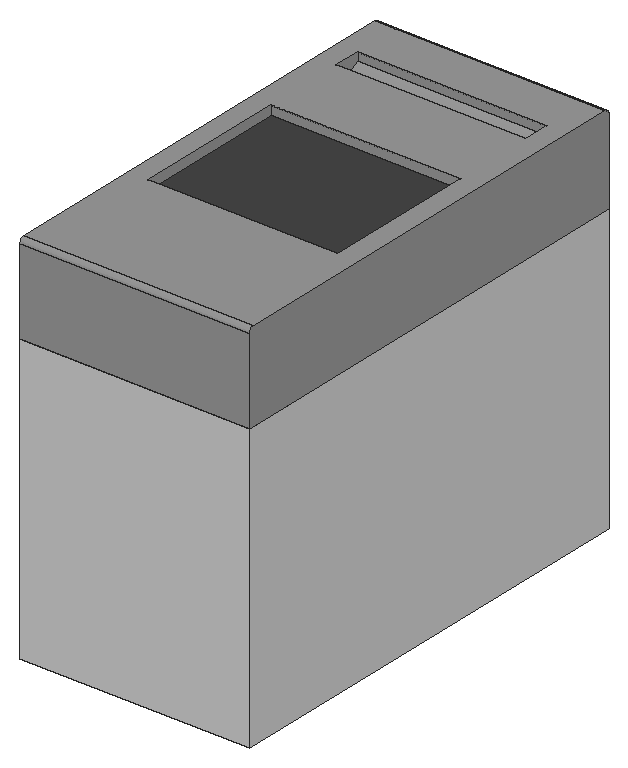
Revit family "Domotics-DomesticRanges-GEWISS-SYSTEM_DATA-SOCKET-OUTLET_RJ45_COVER", category Apparecchi elettrici, host Superficie, Revit 2016
Family settings
  Host = Superficie
  Mantenere orientamento annotazione = Sì
  Tipo di parte = Normale
  Quota connettore circolare = Usa diametro
  Numero OmniClass = 23.80.50.14
  Titolo OmniClass = Plug Connectors
  Taglio con vuoti quando caricato = Sì
  Condiviso = Sì
  Punto di calcolo locali = Sì
Parameters (values of type "GW21270 - ENCLOSURE FOR RJ45 AMP SY/BK")
  Volt = 230 V
  Vista di pianta [instance] = yes
  Version file RFA = "19.4"
  URL = "https://www.gewiss.com/ww/en"
  Tipo_ = SYSTEM PRESE RJ45_BASE : GW21270 Contenitore vuoto RJ45 Cat.5 UTP AMP nero
  Technical sheet = "https://www.gewiss.com/ww/en/search?q=GW21270"
  Simbolo = SIMBOLO PRESE TELEFONO : PRESA TEL
  SIMBOLO [instance] = yes
  SEO = "Enclosure"
  Realized by GEWISS S.p.A. = ""
  Produttore = "GEWISS S.p.A."
  No. SYSTEM modules = "1"
  N. poli = 1
  Modello = "GW21270"
  Larghezza presa = 23 mm
  IFC.TypeObject = ""
  IFC.ExportType = ""
  IFC.ExportAs = ""
  Offset pulsante [instance] = 0 mm
  Offset bidimensionale [instance] = 38.844 mm
  IDT = "febde81f-cc29-43ff-b45b-0408f406c939"
  IDF = "ce7dd9a2-14bb-4f00-bfab-9609d56ead63"
  Electrocod = "3722                "
  EAN code = "8011564128989"
  Distanza_x [instance] = 0 mm
  Distanza_effettiva_y [instance] = 100 mm
  Distanza_effettiva_x [instance] = 1500 mm - Distanza_x  # 1500 mm
  Distanza orizzontale simbolo [instance] = 231.658 mm
  Distanza dal muro [instance] = 4.208 mm
  Default Elevation = 1219.2 mm
  Immagine tipo = GW21270.jpg
  Descrizione = "ENCLOSURE FOR RJ45 AMP SY/BK"
  Description. = "AMP unwired container"
  Compatibility = "AMP / Keystone Jack"
  Colour = "Black"
  Catalogue Range = "SYSTEM - DOMESTIC RANGE"
  Catalogue = "DOMOTICS"
  Carico apparente = 0 VA
  COBie.Tagnumber = ""
  COBie.CreatedOn = ""
  COBie.CreatebBy = ""
  COBie.ComponentRegisterItemID = ""
  COBie.Component.TagNumber = ""
  COBie.Component.Space = ""
  COBie.Component.SerialNumber = ""
  COBie.Component.InstallationDate = ""
  COBie.Component.Description = ""
  COBie.Component.BarCode = ""
Types (6, lengths in mm): name | Tipo_ | Technical sheet | Modello | Offset bidimensionale | IDT | EAN code | Immagine tipo | Descrizione | Description. | Compatibility | Colour
  GW20266 - ENCLOSURE FOR RJ45 IBM SY/WT | SYSTEM PRESE RJ45_BASE : GW20266 Contenitore vuoto RJ45 IBM bianco | "https://www.gewiss.com/ww/en/search?q=GW20266" | "GW20266" | 38.844 | "587c8b84-4836-421f-9efc-3fa711bd1daa" | "8011564045835" | GW20270.jpg | "ENCLOSURE FOR RJ45 IBM SY/WT" | "IBM unwired container" | "IBM" | "White"
  GW20267 - ENCLOSURE FOR RJ45 AVAYA SY/WT | SYSTEM PRESE RJ45_BASE : GW20267 Contenitore vuoto RJ45 AVAYA bianco | "https://www.gewiss.com/ww/en/search?q=GW20267" | "GW20267" | 38.8 | "955d5610-9aa7-45b5-83cb-abeca7946814" | "8011564045842" | GW20270.jpg | "ENCLOSURE FOR RJ45 AVAYA SY/WT" | "AVAYA unwired container" | "SYSTIMAX COMMSCOPE" | "White"
  GW20270 - ENCLOSURE FOR RJ45 AMP SY/WT | SYSTEM PRESE RJ45_BASE : GW20270 Contenitore vuoto RJ45 AMP bianco | "https://www.gewiss.com/ww/en/search?q=GW20270" | "GW20270" | 38.8 | "7859ab7c-8e2c-4ebf-a070-df618f3252cc" | "8011564071872" | GW20270.jpg | "ENCLOSURE FOR RJ45 AMP SY/WT" | "AMP unwired container" | "AMP / Keystone Jack" | "White"
  GW21266 - ENCLOSURE FOR RJ45 IBM SY/BK | SYSTEM PRESE RJ45_BASE : GW21266 Contenitore vuoto RJ45 Cat.5 IBM ACS nero | "https://www.gewiss.com/ww/en/search?q=GW21266" | "GW21266" | 38.8 | "a462fa36-f518-4cf7-81af-1c868921e0a5" | "8011564128958" | GW21270.jpg | "ENCLOSURE FOR RJ45 IBM SY/BK" | "IBM unwired container" | "IBM" | "Black"
  GW21267 - ENCLOSURE FOR RJ45 AVAYA SY/BK | SYSTEM PRESE RJ45_BASE : GW21267 Contenitore vuoto RJ45 Cat.5 Lucent technology nero | "https://www.gewiss.com/ww/en/search?q=GW21267" | "GW21267" | 38.8 | "d7e67e15-7143-418a-9d47-a478bc66b916" | "8011564128972" | GW21270.jpg | "ENCLOSURE FOR RJ45 AVAYA SY/BK" | "AVAYA unwired container" | "SYSTIMAX COMMSCOPE" | "Black"
  GW21270 - ENCLOSURE FOR RJ45 AMP SY/BK | SYSTEM PRESE RJ45_BASE : GW21270 Contenitore vuoto RJ45 Cat.5 UTP AMP nero | "https://www.gewiss.com/ww/en/search?q=GW21270" | "GW21270" | 38.844 | "febde81f-cc29-43ff-b45b-0408f406c939" | "8011564128989" | GW21270.jpg | "ENCLOSURE FOR RJ45 AMP SY/BK" | "AMP unwired container" | "AMP / Keystone Jack" | "Black"
Reference planes
  plane 1 "Centro (Fronte/Retro)": y = 0
  plane 2: z = 0
  plane 3 "Centro (Sinistra/Destra)": x = 0
  plane 4: z = 0
  plane 5 "piano bidimensionale": z = 38.844
  plane 6: x = -11.5
  plane 7: x = 11.5
  plane 8: z = 39
  plane 9: x = -1500
  plane 10: x = 0
  plane 11: y = 100
Lines and regions (mm)
  Masking region 1, visible <- "Vista di pianta"
    outline origin (0, 0, 38.844) x (0, -1, 0) y (1, 0, 0)
      loop
        line (-22.5, -11.5) -> (22.5, -11.5) -> (22.5, 11.5) -> (-22.5, 11.5) -> (-22.5, -11.5)
      loop
        line (8.959, -9.5) -> (8.959, 9.5) -> (-6.453, 9.5) -> (-6.453, -9.5) -> (8.959, -9.5)
      loop
        line (-14.582, 9.5) -> (-17.294, 9.5) -> (-17.294, 4.489) -> (-18.947, 4.489) -> (-18.947, -4.489) -> (-17.294, -4.489) -> (-17.294, -9.5) -> (-14.582, -9.5) -> (-14.582, 9.5)
  Masking region 2, visible <- "Vista di pianta"
    outline origin (0, 0, 0) x (1, 0, 0) y (0, 0, 1)
      loop
        line (11.5, 0) -> (11.5, 39) -> (-11.5, 39) -> (-11.5, 0) -> (11.5, 0)
  Masking region 3, visible <- "Vista di pianta"
    outline origin (0, 0, 0) x (0, 1, 0) y (0, 0, 1)
      loop
        line (22.5, 0) -> (22.5, 39) -> (-22.5, 39) -> (-22.5, 0) -> (22.5, 0)
Dimensions and locks
  "Offset pulsante": plane 4 to host face
  equal spacing: plane 6, plane 3 "Centro (Sinistra/Destra)", plane 7
  "Larghezza presa": plane 6 to plane 7
  locked: plane 8 to plane 4 at 39
  plane 9 to plane 3 "Centro (Sinistra/Destra)" = 1500 mm
  "Distanza_effettiva_x": plane 9 to plane 10
  "Distanza_effettiva_y": plane 11 to plane 1 "Centro (Fronte/Retro)"
  "Offset bidimensionale": plane 5 "piano bidimensionale" to host face
  aligned and locked: plane 2 to host face
  aligned and locked: level to host face
  aligned and locked: nested 1 to plane 11
  aligned and locked: plane 10 to nested 1
  aligned and locked: plane 3 "Centro (Sinistra/Destra)" to nested 2
  aligned and locked: plane 1 "Centro (Fronte/Retro)" to nested 2
  aligned and locked: Masking region 1 sketch curve to plane 6
  aligned and locked: Masking region 1 sketch curve to plane 7
  aligned and locked: plane 4 to Masking region 2 sketch curve
  aligned and locked: Masking region 2 sketch curve to plane 8
  aligned and locked: plane 6 to Masking region 2 sketch curve
  aligned and locked: Masking region 2 sketch curve to plane 7
  aligned and locked: Masking region 2 to plane 4
  aligned and locked: Masking region 3 sketch curve to plane 8
  aligned and locked: plane 4 to Masking region 3 sketch curve
  aligned and locked: Masking region 3 to plane 4
Automatic sketch dimensions
  host sketch curve to host sketch curve = 2438.4 mm  (x2)
  plane 1 "Centro (Fronte/Retro)" to Masking region 1 sketch curve = 8.959 mm
  Masking region 1 sketch curve to plane 1 "Centro (Fronte/Retro)" = 6.453 mm
  Masking region 1 sketch curve to plane 7 = 2 mm
  Masking region 1 sketch curve to Masking region 1 sketch curve = 7.918 mm
  Masking region 1 sketch curve to Masking region 1 sketch curve = 2.712 mm
  plane 3 "Centro (Sinistra/Destra)" to Masking region 1 sketch curve = 4.489 mm
  Masking region 1 sketch curve to plane 3 "Centro (Sinistra/Destra)" = 4.489 mm
  plane 6 to Masking region 1 sketch curve = 2 mm  (x2)
  Masking region 1 sketch curve to Masking region 1 sketch curve = 0 mm
  Masking region 1 sketch curve to Masking region 1 sketch curve = 1.652 mm
  Masking region 1 sketch curve to Masking region 1 sketch curve = 2 mm
  Masking region 1 sketch curve to Masking region 1 sketch curve = 8.129 mm
  Masking region 1 sketch curve to Masking region 1 sketch curve = 13.541 mm
  plane 1 "Centro (Fronte/Retro)" to Masking region 3 sketch curve = 22.5 mm
  Masking region 3 sketch curve to plane 1 "Centro (Fronte/Retro)" = 22.5 mm
Nested families
  nested 1: "SIMBOLO PRESE TELEFONO" at (0, 100, 0), Distanza dal muro <- "Distanza dal muro", type <- "Simbolo", SIMBOLO <- "SIMBOLO", visible <- "SIMBOLO", type "PRESA TEL"
    with TESTO ELETTRICO "RJ45", Distanza dal muro 4.208 mm, BORDO ACCESO yes
  nested 2: "SYSTEM PRESE RJ45_BASE" at (0, 0, 0), type <- "Tipo_", type "GW21270 Contenitore vuoto RJ45 Cat.5 UTP AMP nero", detail levels medium+fine
Connectors
  electrical at (0, 0, 0), driven by "N. poli", driven by "Volt", driven by "Carico apparente"
    settings: on nested 2, index 1, voltage 230 V, apparent load 0 VA, apparent load phase1 0 VA, apparent load phase2 0 VA, apparent load phase3 0 VA, power factor 1, load classification "Altro", number of poles 1, system type 31, power factor state 1, is connector primary yes, connector utility no, sub classification motor no, connector description ""
Definition of nested family "SYSTEM PRESE RJ45_BASE"
  Parameters (values of type "GW21270 Contenitore vuoto RJ45 Cat.5 UTP AMP nero")
    Elemento superiore = none
    Elemento acciaio = none
    Supporto = none
    Struttura = none
    Pulsante = none
    Profondità suporto = 15.673 mm
    Larghezza pulsante = 23 mm  # constant formula
    Bidimensionale = 36.414 mm
    Altezza pulsante = 45 mm
  Types (6): name
    GW20266 Contenitore vuoto RJ45 IBM bianco
    GW20267 Contenitore vuoto RJ45 AVAYA bianco
    GW20270 Contenitore vuoto RJ45 AMP bianco
    GW21266 Contenitore vuoto RJ45 Cat.5 IBM ACS nero
    GW21267 Contenitore vuoto RJ45 Cat.5 Lucent technology nero
    GW21270 Contenitore vuoto RJ45 Cat.5 UTP AMP nero
  Reference planes
    plane 1 "Centro (Fronte/Retro)": y = 0
    plane 2: z = 0
    plane 3 "Centro (Sinistra/Destra)": x = 0
    plane 4: y = -22.5
    plane 5: y = 22.5
    plane 6: x = -11.5
    plane 7: x = 11.5
    plane 8 "PIANO BIDIMENSIONALE": z = 36.414
    plane 9: x = -9.5
    plane 10: x = 9.5
    plane 11: z = 38.727
    plane 12: y = 17.294
    plane 13: y = 14.582
  Forms (mm)
    Extrusion 1, solid, material <- "Pulsante"
      sketch origin (0, 0, 0.006) x (0, 1, 0) y (0, 0, 1)
        loop
          line (-22.5, 37.221) -> (-22.5, 28.721) -> (22.5, 28.721) -> (22.5, 37.221)
          arc (22.5, 37.221) -> (22.354, 37.575) -> (22, 37.721) r 0.5
          line (22, 37.721) -> (-22, 37.721)
          arc (-22, 37.721) -> (-22.354, 37.575) -> (-22.5, 37.221) r 0.5
      from -11.5 to 11.5
    Extrusion 2, void
      sketch origin (0, 0, 36.414) x (-1, 0, 0) y (0, -1, 0)
        loop
          line (9.5, -6.453) -> (9.5, 8.959) -> (-9.5, 8.959) -> (-9.5, -6.453) -> (9.5, -6.453)
      from 0 to 2.826
    Extrusion 3, solid, material <- "Elemento acciaio", detail levels medium+fine
      sketch origin (0, 0, 36.414) x (-1, 0, 0) y (0, -1, 0)
        loop
          line (9.5, -6.453) -> (9.5, 8.959) -> (-9.5, 8.959) -> (-9.5, -6.453) -> (9.5, -6.453)
      from 0 to 0.4
    Extrusion 4, void
      sketch origin (0, 0, 0) x (0, 1, 0) y (0, 0, 1)
        loop
          arc (17.294, 38.11) -> (15.938, 38.203) -> (14.582, 38.288) r 242.438
          line (14.582, 38.288) -> (14.582, 36.882)
          arc (14.582, 36.882) -> (15.938, 36.414) -> (17.294, 36.882) r 2.196
          line (17.294, 36.882) -> (17.294, 38.11)
      from -9.5 to 9.5
    Extrusion 5, solid, material <- "Struttura"
      sketch origin (0, 0, 0) x (0, 1, 0) y (0, 0, 1)
        loop
          line (-22.5, 28.727) -> (-22.5, 0) -> (22.5, 0) -> (22.5, 28.727) -> (-22.5, 28.727)
      from -11.5 to 11.5
  Cuts and joins
    Extrusion 2, Extrusion 4 cuts Extrusion 1
  Dimensions and locks
    equal spacing: plane 4, plane 1 "Centro (Fronte/Retro)", plane 5
    plane 4 to plane 5 = 45 mm
    equal spacing: plane 6, plane 3 "Centro (Sinistra/Destra)", plane 7
    "Larghezza pulsante": plane 6 to plane 7
    equal spacing: plane 5, plane 1 "Centro (Fronte/Retro)", plane 4
    "Altezza pulsante": plane 5 to plane 4
    "Bidimensionale": plane 8 "PIANO BIDIMENSIONALE" to level
    equal spacing: plane 9, plane 3 "Centro (Sinistra/Destra)", plane 10
    plane 6 to plane 9 = 2 mm
    plane 10 to plane 7 = 2 mm
    aligned and locked: level to plane 2
    aligned and locked: Extrusion 1 to plane 6
    aligned and locked: plane 7 to Extrusion 1
    aligned and locked: Extrusion 3 to plane 8 "PIANO BIDIMENSIONALE"
  Automatic sketch dimensions
    Extrusion 2 sketch curve to plane 10 = 0 mm
    plane 9 to Extrusion 2 sketch curve = 0 mm
    plane 1 "Centro (Fronte/Retro)" to Extrusion 2 sketch curve = 8.959 mm
    Extrusion 3 sketch curve to plane 10 = 0 mm
    plane 9 to Extrusion 3 sketch curve = 0 mm
    Extrusion 3 sketch curve to plane 1 "Centro (Fronte/Retro)" = 6.453 mm
    plane 1 "Centro (Fronte/Retro)" to Extrusion 3 sketch curve = 8.959 mm
    Extrusion 4 sketch curve to plane 1 "Centro (Fronte/Retro)" = 0 mm
    Extrusion 4 sketch curve to plane 13 = 0 mm
    Extrusion 4 sketch curve to plane 12 = 0 mm
    plane 11 to Extrusion 4 sketch curve = 0.117 mm
    plane 11 to Extrusion 4 sketch curve = 0.439 mm
    plane 8 "PIANO BIDIMENSIONALE" to Extrusion 4 sketch curve = 0.469 mm  (x2)
    Extrusion 4 sketch curve to level = 203.711 mm
    Extrusion 2 sketch curve to plane 1 "Centro (Fronte/Retro)" = 6.453 mm
    Extrusion 5 sketch curve to plane 5 = 0 mm
    Extrusion 5 sketch curve to plane 4 = 0 mm
    Extrusion 5 sketch curve to level = 0 mm
    Extrusion 5 sketch curve to plane 8 "PIANO BIDIMENSIONALE" = 7.687 mm
    Extrusion 1 sketch curve to plane 4 = 0 mm
    Extrusion 1 sketch curve to plane 5 = 0 mm
    Extrusion 1 sketch curve to Extrusion 1 sketch curve = 0.5 mm  (x2)
    Extrusion 1 sketch curve to plane 8 "PIANO BIDIMENSIONALE" = 7.687 mm
    plane 8 "PIANO BIDIMENSIONALE" to Extrusion 1 sketch curve = 0.813 mm
Definition of nested family "SIMBOLO PRESE TELEFONO"
  Parameters (values of type "PRESA TEL")
    TESTO ELETTRICO [instance] = "TXT"
    Simbolo = SIMBOLO PRESE TELEFONO_BASE : PRESA
    SIMBOLO [instance] = yes
    Distanza dal muro [instance] = 4.208 mm
    BORDO ACCESO [instance] = yes
  Reference planes
    plane 1: y = 0
    plane 2: x = 0
  Dimensions and locks
    aligned and locked: plane 2 to nested 1
    aligned and locked: plane 1 to nested 1
  Nested families
    nested 1: "SIMBOLO PRESE TELEFONO_BASE" at (0, 0, 0), BORDO ACCESO <- "BORDO ACCESO", type <- "Simbolo", visible <- "SIMBOLO", type "PRESA"
      with TESTO ELETTRICO "", BORDO ACCESO yes
  Definition of nested family "SIMBOLO PRESE TELEFONO_BASE"
    Parameters (values of type "PRESA")
      TESTO ELETTRICO [instance] = "TXT"
      Distanza dal muro = 4.208 mm
      BORDO ACCESO [instance] = yes
    Reference planes
      plane 1: y = 0
      plane 2: x = 0
    Lines and regions (mm)
      detail lines, visible <- "BORDO ACCESO", not visible
        curve 1: line (-1.743, 9.208, 0) -> (2.057, 9.208, 0)
        curve 2: line (2.057, 9.208, 0) -> (2.057, 4.208, 0)
        curve 3: line (2.057, 4.208, 0) -> (-1.743, 4.208, 0)
        curve 4: line (-1.743, 4.208, 0) -> (-1.743, 9.208, 0)
        curve 5: line (-1.543, 9.008, 0) -> (1.857, 9.008, 0)
        curve 6: line (1.857, 9.008, 0) -> (1.857, 4.408, 0)
        curve 7: line (1.857, 4.408, 0) -> (-1.543, 4.408, 0)
        curve 8: line (-1.543, 4.408, 0) -> (-1.543, 9.008, 0)
      detail lines
        curve 9: line (0.851, 1.172, 0) -> (-0.851, 1.172, 0)
        curve 10: line (0, 1.172, 0) -> (0, 0.32, 0)
        curve 11: line (-0.851, 2.023, 0) -> (-0.851, 1.172, 0)
        curve 12: line (0.851, 2.023, 0) -> (0.851, 1.172, 0)
